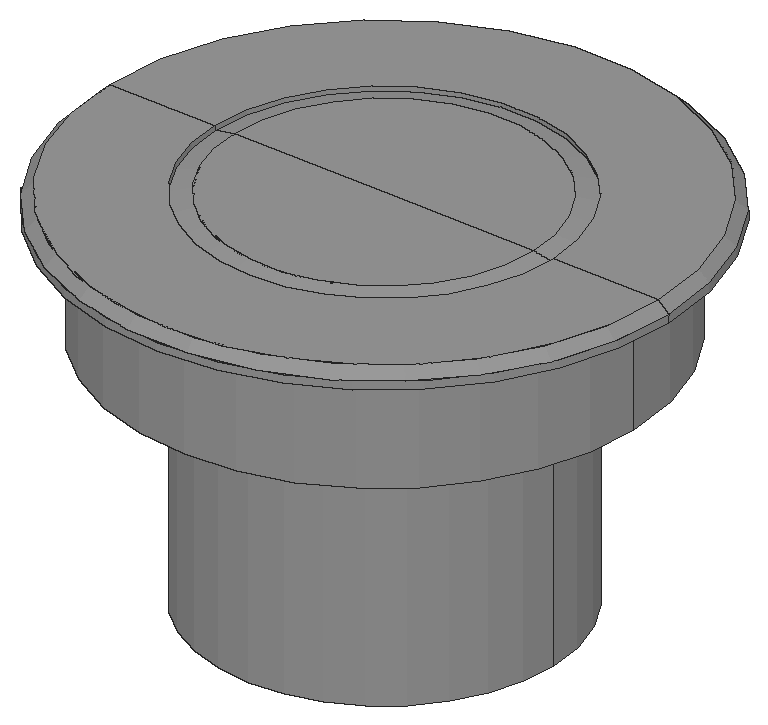
Revit family "4069949 Sylvania Lighting Fixture PATHE CEILING ROUND3 NARROW 275LM LED 4K", category Lighting Fixtures, host Face, Revit 2016
Family settings
  Host = Face
  Part Type = Normal
  Round Connector Dimension = Use Diameter
  OmniClass Number = 23.80.70.00
  OmniClass Title = Lighting
  Cut with Voids When Loaded = No
  Light Source = Yes
  Shared = No
  Room Calculation Point = No
Parameters (values of type "4069949 PATHE/C/R3 NAR 275LM LED 4K")
  Weight = "1.0 kg"
  Wattage Comments = ""
  Wattage = 4.4 W
  WarrantyStartDate [instance] = "n/a"
  WarrantyGuarantorParts = "n/a"
  WarrantyDurationUnit = "n/a"
  WarrantyDurationParts = "n/a"
  WarrantyDescription = "n/a"
  built-in parameter 1150110 = 1 (stored number, unit not read)
  Voltage = 0 V
  URL = "http://www.sylvania-lighting.com"
  TypeName = "PATHE/CEILING/ROUND3 NARROW 275LM LED 4K"
  Type Image = <None>
  Type Comments = "n/a"
  built-in parameter 1114217 = 1 (stored number, unit not read)
  Tilt Angle = -90.00°
  built-in parameter 1150109 = 1 (stored number, unit not read)
  built-in parameter 1150134 = 12
  built-in parameter 1150113 = 1 (stored number, unit not read)
  SerialNumber [instance] = "n/a"
  Radius_SYL = 74 mm
  RadiusDiffuser_SYL = 44 mm
  Photometric Web File = "4069949.ies"
  Material_5_SYL = Steel AISI 1006 85 HR
  Material_3_SYL = Inside_Sylvania_Pathe_Black
  PowerFactor = 0
  PowerConsumption = "4.4 W"
  NominalLength = 148 mm
  NominalHeight = 110 mm
  NominalDepth = 0 mm
  Name = "PATHE/CEILING/ROUND3 NARROW 275LM LED 4K"
  ModelReference = Name  # "PATHE/CEILING/ROUND3 NARROW 275LM LED 4K"
  ModelNumber = "4069949"
  Model = Name  # "PATHE/CEILING/ROUND3 NARROW 275LM LED 4K"
  Material = "corrosion resistant die-cast aluminium body. aluminium fixing bracket. housing, tempered safety glass diffuser"
  ManufacturerName = "Feilo Sylvania"
  Manufacturer = "Feilo Sylvania"
  LuminousEfficacy = "62.5 lm/W"
  built-in parameter 1150105 = 21.884 (stored number, unit not read)
  Lumens = 275 lm
  LuminaireType = ""
  built-in parameter 1150115 = 1 (stored number, unit not read)
  LightOutputRatio = "100"
  built-in parameter 1150137 = (empty or 0)
  built-in parameter 1150139 = (empty or 0)
  LampsType = Lamp  # "LED"
  LampNominalLuminous = "275 lm"
  LampMacAdamStep = "n/a"
  LampColourTemperature = "4000 K"
  LampColourRenderingIndex = "80"
  built-in parameter 1150112 = 1 (stored number, unit not read)
  built-in parameter 1150114 = 1 (stored number, unit not read)
  Lamp = "LED"
  Keynote = "16500"
  InstallationDate [instance] = "n/a"
  InputVoltage = "n/a"
  InputNominalFrequency = "n/a"
  built-in parameter 1150132 = (empty or 0)
  built-in parameter 1150102 = (empty or 0)
  built-in parameter 1150107 = 4000 (stored number, unit not read)
  built-in parameter 1150138 = (empty or 0)
  IngressProtection = "IP66"
  ImpactProtectionIndex = "IK10"
  built-in parameter 1150106 = 0.21884 (stored number, unit not read)
  IfcExportType = "IfcLightFixtureType"
  IfcExportAs = "IfcLightFixtureType"
  HieghtTop_SYL = 3 mm
  ExpectedLife = 50000
  Emit from Circle Diameter = RadiusDiffuser_SYL * 2  # 88 mm
  Emit Shape Visible in Rendering = no
  ElectricShockClassification = "Class I"
  built-in parameter 1150104 = 5.8064 (stored number, unit not read)
  DurationUnit = "hours"
  DocumentationLiterature = "http://www.sylvania-lighting.com/product/en-int/products/4069949"
  DimmingControlOptions = "n/a"
  Material_2_SYL = LED-Sylvania
  Dimming Lamp Color Temperature Shift = <None>
  Description = "Round recessed ceiling mounted luminaireCorrosion resistant anodized aluminium, 275lm, 4,4W, 63lm/W, 4000K, CRI80+, narrow, non dimmable, IP66, IK10, (ØxD) 135x92mm, 3 step MacAdam ellipse, 1.2kg, Class I, 220-240V, A++ A+ A"
  Default Elevation = 1219.2 mm
  CreatedOn = "9/21/2018"
  CreatedBy = "@sylvania-lighting.com"
  Cost = 0
  Color Filter = 16777215
  built-in parameter 1114216 [instance] = (empty or 0)
  ClassificationValue = "EF_70_80"
  ClassificationName = "Uniclass2015"
  Material_1_SYL = Aluminum 6061 T6 80 Hot Formed
  ChamferTop_SYL = 2.5 mm
  ChamferDiffuserTop_SYL = 5 mm
  ChamferDiffuserSide_SYL = 1 mm
  BarCode [instance] = "n/a"
  built-in parameter 1114218 = 1 (stored number, unit not read)
  built-in parameter 1150133 = 10 (stored number, unit not read)
  AssetType = "Fixed"
  AssetIdentifier [instance] = "n/a"
  Assembly Code = "D5020200"
  Apparent Load = 4.4 VA
  Material_4_SYL = Polycarbonate, Clear
Reference planes
  plane 1 "Center (Front/Back)": y = 0
  plane 2: z = 0
  plane 3 "Center (Left/Right)": x = 0
  plane 4: x = -74
  plane 5: x = -44
  plane 6: z = 3
  plane 7: x = -71.5
  plane 8: x = -39
  plane 9: z = 2
  plane 10: z = 0.5
  plane 11: x = -55.75
  plane 12: x = -25
  plane 13: z = -12
  plane 14: x = -27.5
  plane 15: z = -11
  plane 16: x = -24
  plane 17: z = -15
  plane 18: x = -69
  plane 19: z = -1.5
  plane 20: x = -67.5
  plane 21: z = -92
  plane 22: z = -29.5
  plane 23: x = -65
  plane 24: x = -45
Forms (mm)
  Revolve 1, solid, material "Aluminum 6061 T6 80 Hot Formed" <- "Material_1_SYL"
    sketch origin (0, 0, 0) x (1, 0, 0) y (0, 0, 1)
      loop
        line (-71.5, 3) -> (-74, 0.5) -> (-74, -1.5) -> (-65, -1.5) -> (-65, -29.5) -> (-44, -29.5) -> (-44, -92) -> (0, -92) -> (0, -12) -> (-25, -12) -> (-27.5, -15) -> (-55.75, -15) -> (-55.75, 0) -> (-44, 0) -> (-44, 3) -> (-71.5, 3)
      axis (0, 3) -> (0, -92)
    angle from 360 to 0
  Revolve 2, solid, material "Polycarbonate, Clear" <- "Material_4_SYL"
    sketch origin (0, 0, 0) x (1, 0, 0) y (0, 0, 1)
      loop
        line (-44, 2) -> (-44, 0) -> (0, 0) -> (0, 3) -> (-39, 3) -> (-44, 2)
      axis (0, 3) -> (0, 0)
    angle from 360 to 0
  Revolve 3, void
    sketch origin (0, 0, 0) x (1, 0, 0) y (0, 0, 1)
      loop
        line (0, -29.5) -> (0, 0) -> (-67.5, 0) -> (-67.5, -29.5) -> (0, -29.5)
      axis (0, 0) -> (0, -29.5)
    angle from 360 to 0
  Revolve 4, solid, material "LED-Sylvania" <- "Material_2_SYL"
    sketch origin (0, 0, 0) x (1, 0, 0) y (0, 0, 1)
      loop
        line (-25, -12) -> (0, -12) -> (0, -11) -> (-24, -11) -> (-25, -12)
      axis (0, -11) -> (0, -12)
    angle from 360 to 0
Cuts and joins
  Revolve 3 cuts Revolve 2
Lines and regions (mm)
  reference lines
    curve 1: line (0, 0, -12) -> (0, -11.75, -12)
Dimensions and locks
  "Radius_SYL": plane 3 "Center (Left/Right)" to plane 4
  "RadiusDiffuser_SYL": plane 3 "Center (Left/Right)" to plane 5
  "ChamferTop_SYL": plane 7 to plane 4
  "ChamferDiffuserSide_SYL": plane 6 to plane 9
  "ChamferDiffuserTop_SYL": plane 8 to plane 5
  "ChamferTop_SYL": plane 6 to plane 10
  "HieghtTop_SYL": plane 6 to plane 2
  locked: plane 11 to plane 4 at 18.25
  locked: plane 3 "Center (Left/Right)" to plane 12 at 25
  locked: plane 14 to plane 12 at 2.5
  locked: plane 12 to plane 16 at 1
  locked: plane 15 to plane 13 at 1
  locked: host face to plane 17 at 15
  locked: plane 13 to plane 17 at 3
  locked: plane 3 "Center (Left/Right)" to plane 18 at 69
  plane 2 to plane 19 = 1.5 mm
  locked: plane 3 "Center (Left/Right)" to plane 20 at 67.5
  locked: plane 2 to plane 21 at 92
  locked: plane 2 to plane 22 at 29.5
  locked: plane 3 "Center (Left/Right)" to plane 23 at 65
  locked: plane 3 "Center (Left/Right)" to plane 24 at 45
  aligned and locked: plane 2 to host face
  aligned and locked: level to host face
  aligned and locked: plane 6 to Revolve 1 sketch curve
  aligned and locked: Revolve 1 sketch curve to plane 3 "Center (Left/Right)"
  aligned and locked: level to Revolve 1 sketch curve
  aligned and locked: plane 5 to Revolve 1 sketch curve
  aligned and locked: plane 6 to Revolve 2 sketch curve
  aligned and locked: Revolve 2 sketch curve to plane 3 "Center (Left/Right)"  (x2)
  aligned and locked: Revolve 1 to Revolve 2 sketch curve
  aligned and locked: plane 8 to Revolve 2 sketch curve
  aligned and locked: plane 5 to Revolve 2 sketch curve
  aligned and locked: plane 9 to Revolve 2 sketch curve
  aligned and locked: imposter light to plane 6
  aligned and locked: imposter light to plane 1 "Center (Front/Back)"
  aligned and locked: plane 3 "Center (Left/Right)" to imposter light
  aligned and locked: plane 7 to Revolve 1 sketch curve
  aligned and locked: Revolve 3 sketch curve to plane 3 "Center (Left/Right)"  (x2)
  aligned and locked: Revolve 3 sketch curve to Revolve 1
  aligned and locked: Revolve 3 sketch curve to level
  aligned and locked: plane 11 to Revolve 1 sketch curve
  aligned and locked: Revolve 1 sketch curve to Revolve 1 sketch curve
  aligned and locked: plane 13 to Revolve 1 sketch curve
  aligned and locked: plane 14 to Revolve 1 sketch curve
  aligned and locked: plane 12 to Revolve 1 sketch curve
  aligned and locked: plane 3 "Center (Left/Right)" to curve 1
  aligned and locked: Revolve 1 to Revolve 4 sketch curve
  aligned and locked: plane 16 to Revolve 4 sketch curve
  aligned and locked: Revolve 4 sketch curve to Revolve 1
  aligned and locked: plane 15 to Revolve 4 sketch curve
  aligned and locked: Revolve 4 sketch curve to plane 3 "Center (Left/Right)"  (x2)
  aligned and locked: Revolve 1 sketch curve to plane 4
  aligned and locked: plane 19 to Revolve 1 sketch curve
  aligned and locked: plane 20 to Revolve 3 sketch curve
  aligned and locked: plane 22 to Revolve 1 sketch curve
  aligned and locked: Revolve 1 sketch curve to plane 5
  aligned and locked: plane 21 to Revolve 1 sketch curve
Automatic sketch dimensions
  host sketch curve to host sketch curve = 2438.4 mm  (x2)
  Revolve 2 sketch curve to Revolve 2 sketch curve = 2607.058 mm
  Revolve 4 sketch curve to plane 6 = 2606.858 mm
  plane 1 "Center (Front/Back)" to curve 1 = 0 mm
  curve 1 to curve 1 = 11.75 mm
  Revolve 3 sketch curve to plane 6 = 2607.058 mm
  plane 21 to Revolve 2 sketch curve = 517.6 mm
  plane 21 to Revolve 3 sketch curve = 517.6 mm
  plane 21 to Revolve 4 sketch curve = 517.6 mm
  Revolve 1 sketch curve to plane 23 = 0 mm
  Revolve 1 sketch curve to plane 17 = 0 mm
  Revolve 1 sketch curve to plane 10 = 0 mm
  plane 21 to Revolve 1 sketch curve = 517.6 mm
  Revolve 1 sketch curve to plane 6 = 2607.058 mm
Connectors
  electrical at (0, 0, 0), driven by "Apparent Load", driven by "PowerFactor", driven by "Voltage"
    settings: index 1, voltage 0 V, apparent load 4.4 VA, apparent load phase1 0 VA, apparent load phase2 0 VA, apparent load phase3 0 VA, power factor 0, load classification "Lighting", number of poles 1, system type 30, power factor state 1, is connector primary yes, connector utility no, sub classification motor no, connector description ""
